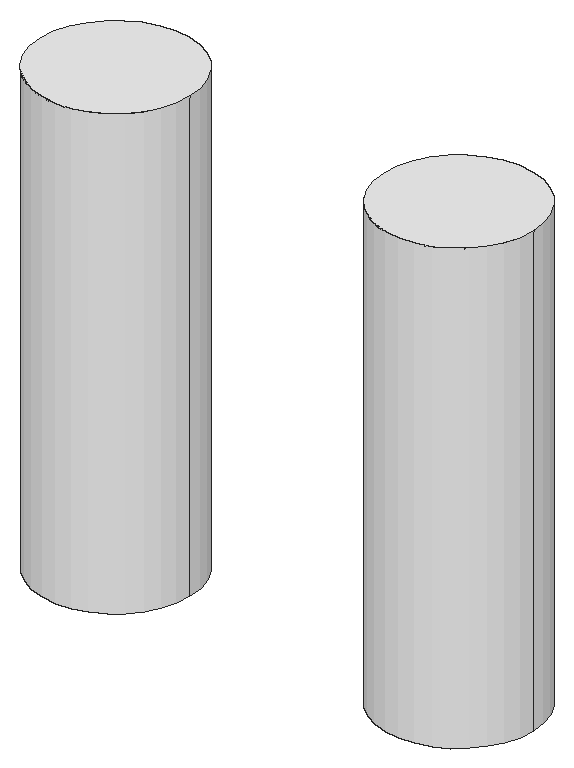
Revit family "0920220333", category Plumbing Fixtures, Revit 2020
Family settings
  Round Connector Dimension = Use Diameter
  Part Type = Normal
  OmniClass Number = 23.45.55.00
  OmniClass Title = Sanitary Faucets, Wastes
  Work Plane-Based = No
  Always vertical = Yes
  Cut with Voids When Loaded = No
  Shared = No
  Room Calculation Point = No
Parameters (values of type "0920220333 Kitchen faucet")
  Working Pressure = "50 - 1000 kPa"
  WarrantyStartDate [instance] = "n/a"
  WarrantyGuarantorParts = "n/a"
  WarrantyGuarantorLabor = "n/a"
  WarrantyDurationUnit = "Year"
  WarrantyDurationParts = "n/a"
  WarrantyDurationLabor = "n/a"
  WarrantyDescription = "http://warranty.hansa.com"
  Warranty Information URL = "http://warranty.hansa.com"
  VersionDate = "01/06/2023"
  Version = "1"
  ValvePattern = "n/a"
  ValveOperation = "n/a"
  ValveMechanism = "n/a"
  Uniclass2015Reference = "Pr_40_20_87_96"
  Uniclass2015Description = "Washbasin manual water supply sets"
  Uniclass2 = "Pr_40_30_96_96"
  URL UWL = "http://static.hansa.com/UWL/0920220333"
  URL REACH = "http://static.hansa.com/doc/reach"
  URL EcoLabel Declaration = "http://static.hansa.com/doc/EcoLabel"
  URL EU Packaging Declaration = "http://static.hansa.com/doc/packaging"
  URL Declaration of SCIP = "http://static.hansa.com/doc/SCIP"
  URL Declaration of Conformity = "http://static.hansa.com/DoC/0920220333"
  URL Declaration of Asbestos = "http://static.hansa.com/doc/asbestos"
  URL Declaration Of Performance (DOP) = "http://static.hansa.com/doc/DoP"
  URL DVGW = "http://static.hansa.com/DVGW/0920220333"
  URL ABP = "http://static.hansa.com/ABP/0920220333"
  URL = ""
  UNSPSC Class Number = "30181700 Faucets or taps"
  TestPressure = "n/a"
  Temperature Adjustments = "Limitation option for maximum temperature and flow-rate ;Adjustable hot water stop (included, retrofittable)"
  Technical DataSheet URL = "http://www.hansa.com/datasheet/0920220333/en"
  TagNumber [instance] = "n/a"
  SustainabilityPerformance = "n/a"
  Surface treatment = "Matt black"
  Spout Type = "Swivel spout;Casted construction"
  Spout Swivel Range = "150° (360°)"
  Spout Projection = "193 mm"
  Spare-Part Information URL = "http://static.hansa.com/sp/0920220333"
  Size = "100x255x300 mm"
  Shape = "Sculptured"
  SerialNumber [instance] = "n/a"
  Sales Package dimensions (LxWxH) = "407 x 265 x 119"
  Revision = "n/a"
  ReplacementCost = "n/a"
  ProductInformation = "n/a"
  Product URL = "http://static.hansa.com/0920220333"
  Product Image URL = "http://static.hansa.com/image/0920220333"
  Product Family = "HANSATWIST Protec"
  Product Code = "0920220333"
  Pressure Loss With Flow 02ls = 300000.0 Pa
  OperatingMechanismMaterial = "n/a"
  NominalWidth = 101.194 mm
  NominalHeight = 298.727 mm
  NominalDepth = 232.79 mm
  Noise Class = "I (ISO 3822)"
  Name_en = "0920220333 Kitchen faucet"
  Name = "0920220333 Kitchen faucet"
  NBSReference = "45-35-70/371"
  NBSDescription = "Water supply fittings for wash basins and troughs"
  Mounting Holes = "1 hole"
  ModelReference = "0920220333"
  ModelNumber = "n/a"
  Model = "0920220333 Kitchen faucet"
  Mobile Product Information URL = "http://mpi.hansa.com/0920220333"
  Mechanical Parts = "ø 35 mm ceramic cartridge for flow and temperature control"
  Max. Hot Water Supply = 80 °C
  Material = "Brass"
  Market = "International;Germany;Austria;Belgium;Netherlands;Czech Republic;Slovakia;Italy"
  ManufacturerURL = "http://www.hansa.com"
  ManufacturerName = "HANSA"
  Manufacturer = "HANSA"
  Lever Handle = "Hot/Cold symbols;Single operating lever/handle"
  Keynote = ""
  Interactive AR View URL = "https://static.hansa.com/AR/0920220333"
  InstallationDate [instance] = "n/a"
  Installation and Maintenance Guide URL = "http://static.hansa.com/manual/0920220333"
  Installation Type = "Deck mounted"
  InletConnectionSize = 10 mm
  IfcExportType = "FAUCET"  # constant formula
  IfcExportAs = "IfcValveType"  # constant formula
  Group = "Kitchen faucet"
  Grade = "n/a"
  FlowCoefficient = 0
  Flow Rate At 300kPa = 0.2 L/s
  Flow Drawing URL = "http://static.hansa.com/flowchart/0920220333"
  Finish = "Polished"
  Features = "Single-lever, side operated"
  FaucetMainMaterial = Brass
  FDV Document URL = "http://www.hansa.com/datasheet/0920220333/en/fdv"
  ExpectedLife = "n/a"
  ETIM Class Number = "EC011431 Kitchen mixing tap"
  EN Standard = "EN 817"
  EAN Number = "4057304014390"
  DurationUnit = "Year"
  Dimension Drawing URL = "http://static.hansa.com/dimdrw/0920220333"
  Description = ""
  DefaultElevation [instance] = 900 mm
  Default Elevation = 0 mm
  Constituents = "n/a"
  Connection Size = "G3/8"
  Connection = "Flexible inlet pipes"
  Color = "Matt black"
  CodePerformance = "n/a"
  CloseOffRating = 0
  Category = "Kitchen"
  Catalog Drawing URL = "http://static.hansa.com/catdrw/0920220333"
  Brand = "HANSA"
  BodyMaterial = "Brass"
  Barcode [instance] = "n/a"
  Backflow Prevention EN1717 = "AA"
  BIMObjectName = "0920220333"
  Author = "BIMStone"
  AssetType = "Fixed"
  AssetIdentifier [instance] = "n/a"
  Approval DVGW = "NW-6506CQ0410"
  Approval ABP = "P-IX 38406/IZ"
  Ambience photo = "http://static.hansa.com/ambience/0920220333"
  Aerator = "Standard aerator"
  Advanced Features = "Inner body made of DZR brass;Surfaces in contact with drinking water contain less than 0.3% lead;Waterways without nickel coating"
  AccessibilityPerformance = "n/a"
  3D View = "https://static.hansa.com/AR/0920220333"
  2D/3D/BIM Files URL = "http://static.hansa.com/bim/0920220333"
Reference planes
  plane 1 "Center (Front/Back)": y = 0
  plane 2: z = 0
  plane 3 "Center (Left/Right)": x = 0
  plane 4: x = -24.236
  plane 5: z = 900
  plane 6: z = 870
  plane 7: y = -232.79
  plane 8: x = 24.236
  plane 9: z = 1198.727
  plane 10: x = 76.958
Forms (mm)
  Extrusion 1, solid, material "Brass" <- "FaucetMainMaterial"
    sketch origin (0, -1.749, 0) x (1, 0, 0) y (0, 1, 0)
      loop
        circle (-11.5, -22.5) r 5
      loop
        circle (11.5, -22.5) r 5
    from 870 to 900
Dimensions and locks
  "DefaultElevation": plane 5 to level
  locked: plane 5 to plane 6 at 30
  "NominalDepth": plane 7 to plane 1 "Center (Front/Back)"
  equal spacing: plane 4, plane 3 "Center (Left/Right)", plane 8
  "NominalHeight": plane 9 to plane 5
  locked: plane 8 to plane 10 at 52.723
  "NominalWidth": plane 4 to plane 10
  "InletConnectionSize": diameter of Extrusion 1 sketch curve  (x2)
  aligned and locked: level to plane 2
  aligned and locked: plane 5 to Extrusion 1
  aligned and locked: Extrusion 1 to plane 6
  aligned and locked: plane 5 to nested 2
Automatic sketch dimensions
  Extrusion 1 sketch curve to plane 3 "Center (Left/Right)" = 11.5 mm
  plane 3 "Center (Left/Right)" to Extrusion 1 sketch curve = 11.5 mm
  plane 1 "Center (Front/Back)" to Extrusion 1 sketch curve = 24.249 mm
  Extrusion 1 sketch curve to Extrusion 1 sketch curve = 0 mm
Nested families
  nested 1: "Symbol" at (0, 0, 0), type "Symbol", detail levels coarse
  nested 2: "0920220333_p" at (0, 0, 900), Material <- "FaucetMainMaterial", type "0920220333_p"
    with Material Brass
Connectors
  piping at (-11.5, -24.249, 870), diameter 10, driven by "InletConnectionSize"
    settings: on Extrusion 1, index 1, connector inside diameter 609.6 mm, connector length 0 mm, flow factor 0, pipe flow 0.0 L/s, pressure drop 0.0 Pa, fitting loss kfactor 0, connector angle 0.00°, fixture units 0, engagement length 0 mm, angle of deflection 0.00°, flow configuration 1, flow direction 1, fitting loss method 0, system type 19, joint type 0, gender type 0, connector reference index -1, connector utility 0, adjustable connector no, is connector primary yes, connector description ""
  piping at (11.5, -24.249, 870), diameter 10, driven by "InletConnectionSize"
    settings: on Extrusion 1, index 2, connector inside diameter 609.6 mm, connector length 0 mm, flow factor 0, pipe flow 0.0 L/s, pressure drop 0.0 Pa, fitting loss kfactor 0, connector angle 0.00°, fixture units 0, engagement length 0 mm, angle of deflection 0.00°, flow configuration 1, flow direction 1, fitting loss method 0, system type 20, joint type 0, gender type 0, connector reference index -1, connector utility 0, adjustable connector no, is connector primary no, connector description ""
Definition of nested family "Symbol"
  Reference planes
    plane 1: y = 0
    plane 2: x = 0
  Lines and regions (mm)
    detail lines
      curve 1: line (0, 0, 0) -> (0, -1.8, 0)
      curve 2: line (-0.4, -1.1, 0) -> (0.4, -1.1, 0)
      curve 3: line (-0.4, -1.4, 0) -> (0.4, -1.4, 0)
      curve 4: line (0.863, 0, 0) -> (-0.863, 0, 0)
      curve 5: circle (-1.163, 0, 0) r 0.3 normal (0, 0, -1)
      curve 6: circle (1.163, 0, 0) r 0.3 normal (0, 0, 1)
Definition of nested family "0920220333_p"
  Parameters (values of type "0920220333_p")
    Material [instance] = none
    Default Elevation = 0 mm
  Reference planes
    plane 1 "Center (Front/Back)": y = 0
    plane 2: z = 0
    plane 3 "Center (Left/Right)": x = 0
    plane 4: z = 298.727
    plane 5: y = -232.79
    plane 6: x = -24.236
    plane 7: x = 24.236
    plane 8: x = 76.958
  Forms (mm)
    Revolve 1, solid, material <- "Material", detail levels medium
      sketch origin (0, 0, 0) x (0, 1, 0) y (0, 0, 1)
        loop
          line (-0.999, 0) -> (-0.999, 107.141) -> (-9.249, 107.141) -> (-9.249, 277.141) -> (-24.249, 277.141) -> (-24.249, 0) -> (-0.999, 0)
        axis (-24.249, 277.141) -> (-24.249, 0)
      angle from 0 to 360
    Extrusion 2, void
      sketch origin (0, 0, 0) x (0, 1, 0) y (0, 0, 1)
        loop
          line (0, 258.156) -> (0, 301.618) -> (-246.489, 301.618) -> (0, 258.156)
      from 24.236 to -24.236
    Extrusion 3, solid, material <- "Material", detail levels medium
      sketch origin (0, 0, 0) x (0, 1, 0) y (0, 0, 1)
        loop
          line (-24.249, 262.431) -> (-229.999, 298.711)
          arc (-229.999, 298.711) -> (-230.597, 298.578) -> (-230.926, 298.062) r 0.8
          line (-230.926, 298.062) -> (-232.782, 287.533)
          arc (-232.782, 287.533) -> (-232.744, 287.035) -> (-232.469, 286.618) r 1
          line (-232.469, 286.618) -> (-227.318, 281.958) -> (-204.906, 273.789) -> (-24.249, 237.212) -> (-24.249, 262.431)
      from -15 to 15
    Revolve 4, solid, material <- "Material", detail levels medium
      sketch origin (0, 0, 0) x (0, 1, 0) y (0, 0, 1)
        loop
          line (-217.772, 272.766) -> (-206.436, 269.083) -> (-204.044, 276.444) -> (-215.38, 280.127) -> (-217.772, 272.766)
        axis (-215.38, 280.127) -> (-217.772, 272.766)
      angle from 0 to 360
    Revolve 5, solid, material <- "Material", detail levels medium
      sketch origin (0, -24.249, 0) x (1, 0, 0) y (0, 0, 1)
        loop
          line (0.034, 54.308) -> (86.782, 69.933) -> (82.597, 93.667) -> (39.914, 86.141) -> (40.322, 83.878) -> (37.985, 83.465) -> (37.802, 84.481) -> (-3.96, 76.958) -> (0.034, 54.308)
        axis (0.034, 54.308) -> (86.869, 69.949)
      angle from 0 to 360
    Extrusion 6, void
      sketch origin (0, 0, 0) x (1, 0, 0) y (0, 1, 0)
        loop
          line (76.958, 4.643) -> (76.958, -67.417) -> (91.958, -67.417) -> (91.958, 4.643) -> (76.958, 4.643)
      from 0 to 250
    Extrusion 7, solid, material <- "Material", detail levels medium
      sketch origin (0, 0, 0) x (0, 1, 0) y (0, 0, 1)
        loop
          line (-79.154, 132.181) -> (-38.575, 56.458) -> (-7.866, 74.91) -> (-51.672, 147.816)
          arc (-51.672, 147.816) -> (-54.692, 150.078) -> (-58.432, 149.586) r 5
          line (-58.432, 149.586) -> (-77.22, 138.888)
          arc (-77.22, 138.888) -> (-79.551, 135.928) -> (-79.154, 132.181) r 5
      from 64.301 to 76.958
    Extrusion 8, solid, material <- "Material", detail levels coarse
      sketch origin (0, 0, 0) x (1, 0, 0) y (0, 1, 0)
        loop
          line (-24.236, 0) -> (-24.236, -232.79) -> (76.958, -232.79) -> (76.958, 0) -> (-24.236, 0)
      from 0 to 298.727
  Cuts and joins
    Extrusion 2 cuts Revolve 1
    Extrusion 6 cuts Revolve 5
    joined: Revolve 1, Extrusion 3, Revolve 4, Revolve 5, Extrusion 7
  Lines and regions (mm)
    symbolic lines, detail levels fine
      curve 1: arc (15, -42.157, 0) -> (21.903, -16.329, 0) -> (0, -1, 0) r 23.312
      curve 4: arc (-15, -24.249, 0) -> (0, -9.249, 0) -> (15, -24.249, 0) r 15
      curve 10: spline (41.493, -47.513, 0) -> (40.458, -46.721, 0) -> (39.493, -44.398, 0) -> (38.665, -40.702, 0) -> (38.029, -35.885, 0) -> (37.63, -30.276, 0) -> (37.493, -24.257, 0) -> (37.63, -18.237, 0) -> (38.029, -12.628, 0) -> (38.665, -7.812, 0) -> (39.493, -4.116, 0) -> (40.458, -1.792, 0) -> (41.493, -1, 0)
      curve 13: arc (42.802, -2.834, 0) -> (43.486, -2.272, 0) -> (44.213, -1.767, 0) r 11.219
      curve 25: line (15, -47.513, 0) -> (15, -24.249, 0)
      curve 26: line (-15, -42.157, 0) -> (-15, -24.249, 0)
      curve 29: arc (42.645, -46.297, 0) -> (40.039, -24.556, 0) -> (42.802, -2.834, 0) r 89.296
      curve 38: line (0, -39.249, 109.115) -> (0, -39.249, 127.141)
      curve 39: line (0, -40.929, 107.141) -> (0, -46.499, 107.141)
      curve 40: line (0, -7.493, 107.141) -> (0, -40.929, 107.141)
      curve 42: arc (0, -40.929, 107.141) -> (0, -39.726, 107.819) -> (0, -39.249, 109.115) r 2
      curve 44: arc (0, -46.499, 107.141) -> (0, -47.206, 106.848) -> (0, -47.499, 106.141) r 1
      curve 48: line (0, -47.499, 55.904) -> (0, -47.499, 106.141)
      curve 50: line (0, -0.999, 56.979) -> (0, -0.999, 73.551)
      curve 63: arc (0, -204.906, 273.789) -> (0, -215.167, 280.468) -> (0, -227.318, 281.958) r 27.138
      curve 67: line (0, -232.782, 287.533) -> (0, -24.265, 244.952)
      curve 68: line (0, -24.265, 244.952) -> (0, -24.265, 262.434)
      curve 69: line (0, -24.265, 244.952) -> (0, -39.249, 236.159)
      curve 79: line (17, 0, 107.141) -> (-17, 0, 107.141)
      curve 84: spline (11.072, 0, 271.943) -> (10.696, 0, 273.05) -> (9.593, 0, 274.082) -> (7.839, 0, 274.968) -> (5.554, 0, 275.647) -> (2.892, 0, 276.075) -> (0.036, 0, 276.22) -> (-2.82, 0, 276.075) -> (-5.482, 0, 275.647) -> (-7.768, 0, 274.968) -> (-9.521, 0, 274.082) -> (-10.624, 0, 273.05) -> (-11, 0, 271.943) -> (-10.624, 0, 270.836) -> (-9.521, 0, 269.804) -> (-7.768, 0, 268.919) -> (-5.482, 0, 268.239) -> (-2.82, 0, 267.812) -> (0.036, 0, 267.666) -> (2.892, 0, 267.812) -> (5.554, 0, 268.239) -> (7.839, 0, 268.919) -> (9.593, 0, 269.804) -> (10.696, 0, 270.836) -> (11.072, 0, 271.943)
      curve 85: line (-11, 0, 271.943) -> (-11, 0, 277.862)
      curve 86: line (-11, 0, 277.862) -> (-15, 0, 281.862)
      curve 87: line (11, 0, 271.943) -> (11, 0, 277.862)
      curve 88: line (11, 0, 277.862) -> (15, 0, 281.862)
      curve 89: line (-9.017, 0, 286.595) -> (9.017, 0, 286.595)
      curve 90: arc (-15, 0, 285.422) -> (-12.066, 0, 286.299) -> (-9.017, 0, 286.595) r 15.847
      curve 91: arc (15, 0, 285.422) -> (12.066, 0, 286.299) -> (9.017, 0, 286.595) r 15.847
      curve 103: arc (47.41, 0, 48.599) -> (50.329, 0, 45.678) -> (53.34, 0, 42.852) r 127.788
      curve 104: arc (46.041, 0, 51.433) -> (46.498, 0, 49.906) -> (47.41, 0, 48.599) r 5.022
      curve 108: line (37.843, 0, 84.25) -> (45.915, 0, 39.44)
      curve 112: line (40.218, 0, 84.458) -> (46.041, 0, 51.433)
      curve 121: line (23.25, 0, 89.725) -> (2.838, 0, 65.399)
      curve 122: line (23.25, 0, 29.959) -> (4.567, 0, 45.636)
      curve 123: arc (2.838, 0, 65.399) -> (-0.39, 0, 55.159) -> (4.567, 0, 45.636) r 14.028
      curve 124: line (30.676, 0, 83.494) -> (10.558, 0, 59.042)
      curve 125: line (28.208, 0, 35.868) -> (11.215, 0, 50.659)
      curve 126: arc (10.558, 0, 59.042) -> (9.172, 0, 54.716) -> (11.215, 0, 50.659) r 6
    symbolic lines, detail levels medium+fine
      curve 2: line (-15, -226.79, 0) -> (-15, -42.157, 0)
      curve 3: line (15, -226.79, 0) -> (15, -47.513, 0)
      curve 5: line (-9, -232.79, 0) -> (9, -232.79, 0)
      curve 6: arc (-9, -232.79, 0) -> (-13.243, -231.032, 0) -> (-15, -226.79, 0) r 6
      curve 7: arc (9, -232.79, 0) -> (13.243, -231.032, 0) -> (15, -226.79, 0) r 6
      curve 8: line (15, -47.513, 0) -> (41.493, -47.513, 0)
      curve 9: line (0, -1, 0) -> (41.493, -1, 0)
      curve 11: arc (41.493, -1, 0) -> (42.085, -1.158, 0) -> (42.519, -1.589, 0) r 1.188
      curve 12: line (42.519, -1.589, 0) -> (44.213, -1.767, 0)
      curve 14: line (50.227, 0, 0) -> (69.922, 0, 0)
      curve 15: arc (71.906, -1.745, 0) -> (75.637, -40.151, 0) -> (76.969, -78.715, 0) r 619.087
      curve 16: line (76.056, -79.715, 0) -> (74.015, -79.893, 0)
      curve 17: line (72.945, -79.083, 0) -> (67.446, -50.1, 0)
      curve 18: line (44.403, -48.473, 0) -> (65.481, -48.473, 0)
      curve 19: arc (42.645, -46.297, 0) -> (42.331, -47.153, 0) -> (41.493, -47.513, 0) r 1.153
      curve 20: arc (42.802, -46.923, 0) -> (42.723, -46.61, 0) -> (42.645, -46.297, 0) r 89.296
      curve 21: arc (44.403, -48.473, 0) -> (43.383, -47.925, 0) -> (42.802, -46.923, 0) r 2.124
      curve 22: arc (65.481, -48.473, 0) -> (66.757, -48.933, 0) -> (67.446, -50.1, 0) r 2
      curve 23: arc (74.015, -79.893, 0) -> (73.324, -79.694, 0) -> (72.945, -79.083, 0) r 1
      curve 24: arc (76.969, -78.715, 0) -> (76.708, -79.393, 0) -> (76.056, -79.715, 0) r 1
      curve 27: arc (0, -1, 0) -> (-21.903, -16.329, 0) -> (-15, -42.157, 0) r 23.312
      curve 28: arc (44.213, -1.767, 0) -> (47.094, -0.455, 0) -> (50.227, 0, 0) r 11.219
      curve 30: arc (69.922, 0, 0) -> (71.243, -0.498, 0) -> (71.906, -1.745, 0) r 2
      curve 31: line (0, -0.999, 0) -> (0, -0.999, 56.979)
      curve 32: line (0, -1.999, 107.141) -> (0, -7.493, 107.141)
      curve 33: line (0, -47.499, 0) -> (0, -47.499, 55.904)
      curve 34: line (0, -47.499, 0) -> (0, -0.999, 0)
      curve 35: arc (0, -0.999, 73.551) -> (0, 0.005, 65.265) -> (0, -0.999, 56.979) r 34.668
      curve 36: arc (0, -47.499, 55.904) -> (0, -48.569, 64.508) -> (0, -47.499, 73.111) r 35.125
      curve 37: line (0, -9.249, 109.126) -> (0, -9.249, 258.947)
      curve 41: arc (0, -7.493, 107.141) -> (0, -8.747, 107.801) -> (0, -9.249, 109.126) r 2
      curve 43: arc (0, -0.999, 106.141) -> (0, -1.292, 106.848) -> (0, -1.999, 107.141) r 1
      curve 45: line (0, -39.249, 127.141) -> (0, -51.672, 147.816)
      curve 46: line (0, -58.432, 149.586) -> (0, -77.22, 138.888)
      curve 47: line (0, -79.154, 132.181) -> (0, -47.499, 73.111)
      curve 49: line (0, -0.999, 73.551) -> (0, -0.999, 106.141)
      curve 51: arc (0, -51.672, 147.816) -> (0, -54.692, 150.078) -> (0, -58.432, 149.586) r 5
      curve 52: arc (0, -77.22, 138.888) -> (0, -79.551, 135.928) -> (0, -79.154, 132.181) r 5
      curve 53: line (0, -10.076, 259.932) -> (0, -229.999, 298.711)
      curve 54: arc (0, -9.249, 258.947) -> (0, -9.483, 259.59) -> (0, -10.076, 259.932) r 1
      curve 55: line (0, -43.257, 241.06) -> (0, -204.906, 273.789)
      curve 56: line (0, -227.318, 281.958) -> (0, -232.469, 286.618)
      curve 57: line (0, -230.926, 298.062) -> (0, -232.782, 287.533)
      curve 58: arc (0, -229.999, 298.711) -> (0, -230.597, 298.578) -> (0, -230.926, 298.062) r 0.8
      curve 59: arc (0, -232.782, 287.533) -> (0, -232.744, 287.035) -> (0, -232.469, 286.618) r 1
      curve 60: line (0, -229.108, 276.45) -> (0, -206.436, 269.083)
      curve 61: line (0, -204.906, 273.789) -> (0, -206.436, 269.083)
      curve 62: line (0, -227.318, 281.958) -> (0, -229.108, 276.45)
      curve 64: arc (0, -39.249, 236.159) -> (0, -40.379, 239.325) -> (0, -43.257, 241.06) r 5
      curve 65: line (0, -39.249, 127.141) -> (0, -39.249, 236.159)
      curve 66: line (-23.25, 0, 0) -> (-23.25, 0, 106.141)
      curve 70: line (22.25, 0, 107.141) -> (17, 0, 107.141)
      curve 71: arc (-22.25, 0, 107.141) -> (-22.957, 0, 106.848) -> (-23.25, 0, 106.141) r 1
      curve 72: line (23.25, 0, 0) -> (23.25, 0, 29.959)
      curve 73: arc (22.25, 0, 107.141) -> (22.957, 0, 106.848) -> (23.25, 0, 106.141) r 1
      curve 74: line (-23.25, 0, 0) -> (23.25, 0, 0)
      curve 75: line (-15, 0, 109.141) -> (-15, 0, 296.727)
      curve 76: line (-13, 0, 298.727) -> (13, 0, 298.727)
      curve 77: line (15, 0, 109.141) -> (15, 0, 296.727)
      curve 78: line (-17, 0, 107.141) -> (-22.25, 0, 107.141)
      curve 80: arc (-17, 0, 107.141) -> (-15.586, 0, 107.726) -> (-15, 0, 109.141) r 2
      curve 81: arc (17, 0, 107.141) -> (15.586, 0, 107.726) -> (15, 0, 109.141) r 2
      curve 82: arc (-15, 0, 296.727) -> (-14.414, 0, 298.142) -> (-13, 0, 298.727) r 2
      curve 83: arc (13, 0, 298.727) -> (14.414, 0, 298.142) -> (15, 0, 296.727) r 2
      curve 92: line (30.676, 0, 83.494) -> (37.755, 0, 84.742)
      curve 93: line (28.208, 0, 35.868) -> (45.993, 0, 39.004)
      curve 94: line (40.007, 0, 85.65) -> (40.218, 0, 84.458)
      curve 95: line (40.413, 0, 86.229) -> (60.419, 0, 89.757)
      curve 96: line (64.521, 0, 94.138) -> (70.536, 0, 149.246)
      curve 97: line (74.731, 0, 149.382) -> (76.748, 0, 137.943)
      curve 98: line (76.949, 0, 135.436) -> (75.808, 0, 55.069)
      curve 99: arc (75.808, 0, 55.069) -> (75.516, 0, 49.753) -> (74.794, 0, 44.478) r 65.545
      curve 100: line (58.462, 0, 40.266) -> (73.172, 0, 42.86)
      curve 101: arc (74.794, 0, 44.478) -> (74.237, 0, 43.414) -> (73.172, 0, 42.86) r 2
      curve 102: arc (55.236, 0, 41.164) -> (56.747, 0, 40.349) -> (58.462, 0, 40.266) r 3.881
      curve 105: arc (45.915, 0, 39.44) -> (49.844, 0, 40.675) -> (53.34, 0, 42.852) r 16.353
      curve 106: line (37.755, 0, 84.742) -> (37.843, 0, 84.25)
      curve 107: line (37.843, 0, 84.25) -> (40.218, 0, 84.458)
      curve 109: arc (40.007, 0, 85.65) -> (40.09, 0, 86.024) -> (40.413, 0, 86.229) r 0.5
      curve 110: line (45.915, 0, 39.44) -> (45.993, 0, 39.004)
      curve 111: arc (53.34, 0, 42.852) -> (54.284, 0, 42.003) -> (55.236, 0, 41.164) r 127.788
      curve 113: arc (64.521, 0, 94.138) -> (63.2, 0, 91.263) -> (60.419, 0, 89.757) r 5
      curve 114: line (23.25, 0, 89.725) -> (23.25, 0, 106.141)
      curve 115: arc (30.676, 0, 83.494) -> (25.51, 0, 84.878) -> (23.25, 0, 89.725) r 6.327
      curve 116: arc (23.25, 0, 29.959) -> (24.654, 0, 33.816) -> (28.208, 0, 35.868) r 6
      curve 117: arc (76.748, 0, 137.943) -> (76.908, 0, 136.694) -> (76.949, 0, 135.436) r 13.35
      curve 118: line (71.498, 0, 150.137) -> (73.715, 0, 150.208)
      curve 119: arc (70.536, 0, 149.246) -> (70.851, 0, 149.872) -> (71.498, 0, 150.137) r 1
      curve 120: arc (73.715, 0, 150.208) -> (74.377, 0, 149.984) -> (74.731, 0, 149.382) r 1
  Dimensions and locks
    aligned and locked: level to plane 2
